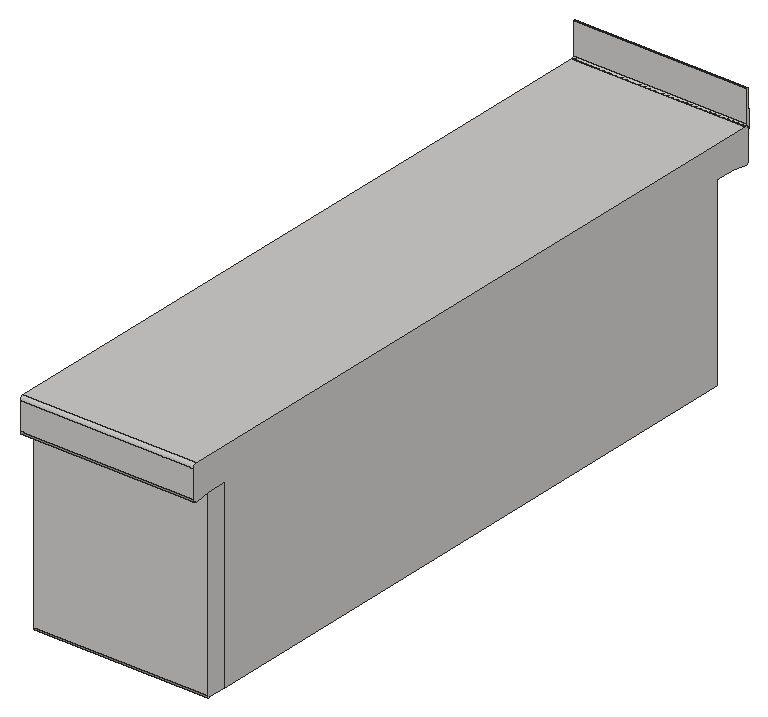
Revit family "QF_ELECTROLUXPROFESSIONAL_588105_MANABBBOOO", category Specialty Equipment, Revit 2018
Family settings
  Round Connector Dimension = Use Diameter
  Part Type = Normal
  Work Plane-Based = No
  Always vertical = Yes
  Cut with Voids When Loaded = No
  Shared = No
  Room Calculation Point = No
Parameters
  Weight in Pounds = 13.22
  URL Cutsheet = "www.electrolux.com/professional"
  URL = "www.electrolux.com/professional"
  Type Mark [instance] = ""
  Status [instance] = ""
  Specification by User [instance] = ""
  Specification by Manufacturer = ""
  Serial Number = ""
  Seismic Rating = ""
  SMACNA No = ""
  Revision Code [instance] = ""
  Omniclass Number and Title = ""
  NAFEM Spec ID Number = ""
  Model = "588105"
  Masterspec = ""
  Manufacturer = "ELECTROLUX"
  Item Number [instance] = ""
  Installed By [instance] = ""
  Identify Quantity as Lot [instance] = yes
  Furnished By [instance] = ""
  Foodservice Equipment Identifier [instance] = yes
  Direct Waste Size = 0"
  Description = "CLOSED WORK TOP,1-S,BACKSPL,200X800X250H"
  CSI MasterFormat = ""
  CSI Master Format = ""
Reference planes
  plane 1 "BACK": y = 0
  plane 2: z = 0
  plane 3 "LEFT": x = 0
  plane 4 "RIGHT": x = 200
  plane 5 "FRONT": y = -800
  plane 6 "TOP": z = 250
  plane 7 "Center Y": x = 100
  plane 8 "Center X": y = -400
  plane 9: z = 288
Forms (mm)
  Extrusion 1, solid, material "QF_Finishes_Stainless Steel"
    sketch origin (0, 50.048, 0) x (0, 1, 0) y (0, 0, 1)
      loop
        line (-95.048, 213) -> (-71.412, 213) -> (-54.743, 210.061)
        arc (-54.743, 210.061) -> (-51.477, 210.936) -> (-50.048, 214) r 4
        line (-50.048, 214) -> (-50.048, 246)
        arc (-50.048, 246) -> (-51.22, 248.828) -> (-54.048, 250) r 4
        line (-54.048, 250) -> (-846.048, 250)
        arc (-846.048, 250) -> (-848.877, 248.828) -> (-850.048, 246) r 4
        line (-850.048, 246) -> (-850.048, 214)
        arc (-850.048, 214) -> (-848.619, 210.936) -> (-845.353, 210.061) r 4
        line (-845.353, 210.061) -> (-828.509, 213) -> (-805.048, 213) -> (-805.048, 0) -> (-95.048, 0) -> (-95.048, 213)
    from 0 to 200
  Extrusion 2, solid, material "QF_Finishes_Stainless Steel"
    sketch origin (0, 50.048, 0) x (0, 1, 0) y (0, 0, 1)
      loop
        arc (-828.048, 213) -> (-829.462, 212.414) -> (-830.048, 211) r 2
        line (-830.048, 211) -> (-830.048, 2)
        arc (-830.048, 2) -> (-829.462, 0.586) -> (-828.048, 0) r 2
        line (-828.048, 0) -> (-805.048, 0) -> (-805.048, 213) -> (-828.048, 213)
    from 0 to 200
  Extrusion 3, solid, material "QF_Finishes_Stainless Steel"
    sketch origin (0, -950.048, 0) x (0, -1, 0) y (0, 0, -1)
      loop
        arc (-948.097, -252.006) -> (-947.511, -250.592) -> (-946.097, -250.006) r 2
        arc (-946.097, -250.006) -> (-948.877, -248.828) -> (-950.048, -246) r 4
        line (-950.048, -246) -> (-950.048, -288.006) -> (-948.097, -288.006) -> (-948.097, -252.006)
    from 0 to 200
Lines and regions (mm)
  symbolic lines
    curve 1: line (0, 0, 0) -> (200, 0, 0)
    curve 2: line (0, -800, 0) -> (0, 0, 0)
    curve 3: line (200, -800, 0) -> (0, -800, 0)
    curve 4: line (200, 0, 0) -> (200, -800, 0)
    curve 5: line (0, -1.951, 0) -> (200, -1.951, 0)
Dimensions and locks
  equal spacing: plane 3 "LEFT", plane 7 "Center Y", plane 4 "RIGHT"
  plane 3 "LEFT" to plane 4 "RIGHT" = 200.00 mm
  equal spacing: plane 5 "FRONT", plane 8 "Center X", plane 1 "BACK"
  plane 5 "FRONT" to plane 1 "BACK" = 800.00 mm
  plane 6 "TOP" to level = 250.00 mm
  plane 9 to level = 288.00 mm
  plane 9 to plane 6 "TOP" = 38.00 mm
  aligned and locked: level to plane 2
  aligned and locked: Extrusion 1 to plane 4 "RIGHT"
  aligned and locked: Extrusion 2 to plane 4 "RIGHT"
  aligned and locked: Extrusion 3 to plane 4 "RIGHT"
Automatic sketch dimensions
  Extrusion 1 sketch curve to plane 5 "FRONT" = 0.00 mm
  Extrusion 1 sketch curve to plane 6 "TOP" = 0.00 mm
  Extrusion 1 sketch curve to level = 0.00 mm
  Extrusion 1 sketch curve to plane 1 "BACK" = 0.00 mm
  Extrusion 1 sketch curve to plane 5 "FRONT" = 4.695 mm
  Extrusion 1 sketch curve to plane 6 "TOP" = 39.939 mm
  Extrusion 1 sketch curve to plane 5 "FRONT" = 4.00 mm  (x2)
  Extrusion 1 sketch curve to Extrusion 1 sketch curve = 16.844 mm
  Extrusion 1 sketch curve to plane 5 "FRONT" = 45.00 mm
  plane 1 "BACK" to Extrusion 1 sketch curve = 45.00 mm
  plane 1 "BACK" to Extrusion 1 sketch curve = 21.364 mm
  plane 1 "BACK" to Extrusion 1 sketch curve = 4.00 mm
  plane 1 "BACK" to Extrusion 1 sketch curve = 4.695 mm
  Extrusion 1 sketch curve to Extrusion 1 sketch curve = 0.00 mm  (x2)
  Extrusion 1 sketch curve to Extrusion 1 sketch curve = 4.00 mm
  Extrusion 1 sketch curve to plane 6 "TOP" = 37.00 mm  (x2)
  Extrusion 1 sketch curve to Extrusion 1 sketch curve = 1.00 mm
  Extrusion 2 sketch curve to level = 0.00 mm
  Extrusion 2 sketch curve to plane 5 "FRONT" = 20.00 mm
  level to Extrusion 2 sketch curve = 2.00 mm
  Extrusion 2 sketch curve to Extrusion 2 sketch curve = 2.00 mm
  Extrusion 2 sketch curve to Extrusion 2 sketch curve = 23.00 mm
  Extrusion 2 sketch curve to plane 6 "TOP" = 39.00 mm
  Extrusion 3 sketch curve to plane 1 "BACK" = 0.00 mm  (x2)
  Extrusion 3 sketch curve to plane 6 "TOP" = 2.006 mm
  Extrusion 3 sketch curve to plane 6 "TOP" = 0.00 mm
  Extrusion 3 sketch curve to plane 9 = 0.006 mm
  Extrusion 3 sketch curve to Extrusion 3 sketch curve = 1.951 mm
  Extrusion 3 sketch curve to Extrusion 3 sketch curve = 2.00 mm
  Extrusion 3 sketch curve to Extrusion 3 sketch curve = 0.049 mm
  Extrusion 3 sketch curve to Extrusion 3 sketch curve = 0.00 mm
  plane 1 "BACK" to curve 1 = 0.00 mm
  curve 1 to plane 3 "LEFT" = 0.00 mm
  curve 1 to plane 4 "RIGHT" = 0.00 mm
  plane 5 "FRONT" to curve 4 = 0.00 mm
  curve 5 to curve 1 = 1.951 mm
